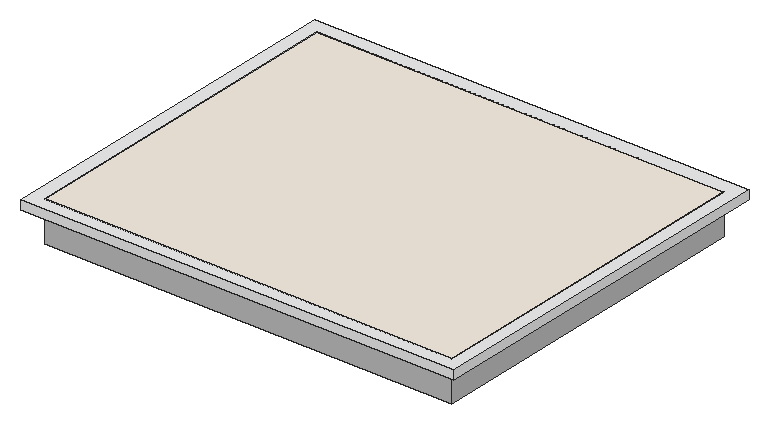
Revit family "Lighting-Industriale-GEWISS-ELIA-HL-LED_RIFLETTORE", category Apparecchi per illuminazione, host Superficie, Revit 2019 (continued)
Types (12, lengths in mm): name | Tensione | Scheda Tecnica | Potenza di sistema | Peso (kg): | Peso (kg) | Ottica | built-in parameter 1150142 | Lumen output (lm) | Modello | IDT | File diagramma fotometrico | Description
    10 368.04 \r\n352.58 336.15 319.30 301.89 284.31 265.38 243.66 221.32 \r\n200.77 179.79 156.18 132.16 109.10 87.13 66.39 48.11 \r\n33.80 22.68 14.68 9.30 5.93 4.79 \r\n20514.31 20512.92 20504.56 20493.42 20475.32 20453.04 \r\n20423.80 20393.16 20359.74 20319.36 20274.80 20223.28 \r\n20171.76 20114.66 20056.18 19994.91 19930.85 19864.01 \r\n19791.60 19716.41 19638.43 19553.49 19467.15 19373.85 \r\n19279.16 19177.51 19073.07 18965.85 18853.06 18740.26 \r\n18621.90 18500.76 18375.43 18245.93 18113.64 17979.96 \r\n17843.50 17702.85 17560.82 17416.00 17269.78 17118.00 \r\n16959.26 16787.98 16609.74 16427.32 16236.55 16036.03 \r\n15828.55 15614.10 15395.48 15168.50 14935.95 14696.45 \r\n14445.80 14175.65 13888.80 13589.41 13281.67 12972.53 \r\n12657.83 12336.16 12008.92 11681.68 11360.01 11050.88 \r\n10751.49 10460.46 10176.39 9896.50 9620.78 9345.07 \r\n9070.75 8803.39 8541.59 8278.41 8020.80 7765.97 7518.11 \r\n7278.60 7041.87 6810.72 6586.53 6366.51 6154.85 5951.55 \r\n5751.03 5549.11 5349.98 5156.43 4972.62 4795.77 4624.49 \r\n4454.61 4288.90 4124.59 3967.23 3819.63 3677.59 3539.74 \r\n3408.84 3280.73 3155.41 3035.65 2921.47 2808.67 2702.15 \r\n2597.71 2496.89 2400.39 2307.79 2219.51 2134.28 2050.87 \r\n1970.67 1895.05 1822.78 1752.18 1683.95 1617.67 1554.31 \r\n1494.57 1437.62 1381.78 1328.45 1278.18 1230.55 1185.30 \r\n1141.57 1098.54 1056.63 1016.11 977.81 942.17 908.75 \r\n876.58 845.53 815.59 785.93 756.27 726.47 696.39 667.56 \r\n642.08 618.27 595.71 573.85 552.13 530.26 507.57 485.15 \r\n463.56 443.51 426.94 412.88 402.85 393.38 380.99 367.06 \r\n351.61 335.17 318.05 300.22 282.40 263.41 241.71 219.42 \r\n198.79 177.75 154.30 130.48 107.64 85.95 65.64 47.76 \r\n33.64 22.63 14.66 9.26 5.91 4.76 \r\n20514.31 20512.92 20504.56 20493.42 20475.32 20451.65 \r\n20423.80 20394.56 20359.74 20320.75 20276.19 20226.06 \r\n20173.15 20116.06 20058.96 19997.69 19933.64 19866.80 \r\n19794.39 19719.19 19641.21 19556.27 19469.94 19376.64 \r\n19280.56 19181.69 19077.25 18971.42 18860.02 18744.44 \r\n18628.87 18507.72 18382.39 18252.89 18122.00 17986.92 \r\n17850.46 17711.21 17567.78 17424.35 17275.35 17124.97 \r\n16966.22 16797.73 16620.88 16437.07 16246.30 16047.17 \r\n15838.30 15625.24 15406.62 15181.04 14949.88 14710.37 \r\n14459.72 14190.97 13906.90 13606.12 13296.98 12987.85 \r\n12670.36 12347.30 12018.67 11687.25 11361.41 11052.27 \r\n10750.10 10459.07 10173.61 9893.71 9618.00 9340.89 \r\n9066.57 8799.21 8537.42 8272.84 8015.23 7760.40 7512.54 \r\n7273.03 7036.30 6805.15 6578.17 6359.55 6146.49 5943.19 \r\n5742.67 5540.76 5343.02 5152.25 4969.83 4792.98 4621.71 \r\n4453.22 4287.51 4124.59 3967.23 3821.02 3678.99 3542.52 \r\n3411.63 3283.52 3159.58 3041.22 2924.25 2814.24 2707.16 \r\n2603.28 2503.16 2406.80 2314.34 2225.08 2138.88 2054.63 \r\n1973.73 1897.84 1825.15 1754.41 1685.76 1619.34 1555.70 \r\n1495.96 1438.87 1383.45 1330.39 1279.99 1231.94 1186.69 \r\n1142.69 1099.80 1058.02 1017.36 978.65 942.72 908.88 \r\n876.02 844.97 815.59 786.90 757.24 727.30 696.95 667.70 \r\n642.08 618.41 595.85 573.99 552.13 530.26 507.71 485.56 \r\n463.84 443.93 426.80 412.46 401.88 391.99 379.87 366.09 \r\n350.77 334.20 316.65 298.41 280.39 261.41 239.77 217.52 \r\n196.80 175.71 152.35 128.74 106.15 84.76 64.90 47.43 \r\n33.50 22.58 14.63 9.23 5.87 4.74 \r\n20514.31 20512.92 20504.56 20493.42 20475.32 20451.65 \r\n20425.19 20394.56 20361.14 20322.15 20278.98 20227.45 \r\n20174.54 20118.84 20061.75 20000.48 19935.03 19868.19 \r\n19797.17 19723.37 19644.00 19559.06 19471.33 19380.81 \r\n19284.73 19185.87 19081.43 18975.60 18864.20 18751.40 \r\n18634.44 18513.29 18389.35 18261.25 18128.96 17995.28 \r\n17858.81 17718.17 17574.74 17429.92 17283.71 17130.53 \r\n16973.18 16806.08 16629.24 16446.82 16256.05 16056.92 \r\n15849.44 15636.38 15417.76 15192.18 14961.02 14722.90 \r\n14472.25 14206.29 13923.61 13624.22 13313.69 13000.38 \r\n12682.89 12357.05 12025.63 11692.82 11364.19 11050.88 \r\n10748.71 10456.28 10170.82 9890.93 9613.82 9336.71 \r\n9061.00 8793.64 8529.06 8267.27 8009.66 7754.83 7505.58 \r\n7264.67 7029.34 6796.79 6571.21 6351.19 6138.14 5933.44 \r\n5734.32 5533.80 5337.45 5146.68 4964.26 4788.81 4617.53 \r\n4450.43 4284.72 4124.59 3968.63 3821.02 3680.38 3545.31 \r\n3414.41 3286.30 3163.76 3044.01 2929.82 2818.42 2712.03 \r\n2608.71 2509.15 2413.34 2320.60 2230.78 2143.34 2058.39 \r\n1976.93 1900.48 1827.52 1756.36 1687.57 1620.87 1557.09 \r\n1497.22 1440.12 1384.98 1332.07 1281.66 1233.48 1187.66 \r\n1143.80 1100.91 1059.27 1018.47 979.48 943.14 908.88 \r\n875.60 844.27 815.73 787.88 758.22 728.00 697.22 667.70 \r\n642.22 618.55 595.99 573.99 551.99 529.99 507.71 485.70 \r\n464.26 444.35 426.80 411.90 400.76 390.60 378.48 365.11 \r\n349.94 333.36 315.26 296.74 278.56 259.42 237.85 215.70 \r\n194.84 173.64 150.40 127.00 104.65 83.56 64.17 47.14 \r\n33.39 22.54 14.61 9.19 5.84 4.71 \r\n20514.31 20512.92 20504.56 20492.03 20475.32 20451.65 \r\n20425.19 20395.95 20362.53 20323.54 20278.98 20230.24 \r\n20175.93 20120.23 20063.14 20001.87 19937.81 19870.98 \r\n19798.56 19724.76 19646.78 19561.84 19475.51 19383.60 \r\n19287.52 19190.04 19085.60 18979.78 18871.16 18756.98 \r\n18641.40 18520.25 18397.71 18268.21 18135.92 18000.85 \r\n17864.38 17723.74 17581.70 17436.89 17289.28 17137.50 \r\n16981.54 16813.05 16637.59 16455.17 16265.79 16065.27 \r\n15859.18 15646.13 15427.51 15203.32 14972.16 14734.04 \r\n14486.18 14220.21 13940.32 13639.54 13329.01 13014.31 \r\n12695.42 12366.79 12033.99 11697.00 11365.59 11049.49 \r\n10745.92 10453.50 10168.04 9888.14 9608.25 9329.75 \r\n9055.43 8788.07 8522.10 8258.92 8001.31 7747.87 7500.01 \r\n7259.10 7023.77 6791.22 6562.85 6342.84 6129.78 5925.09 \r\n5725.96 5526.83 5330.49 5142.50 4961.48 4786.02 4613.35 \r\n4446.25 4283.33 4123.19 3968.63 3822.41 3681.77 3545.31 \r\n3415.80 3287.69 3166.55 3048.18 2934.00 2822.60 2716.49 \r\n2614.00 2514.99 2419.61 2326.73 2236.08 2147.65 2062.01 \r\n1979.72 1902.99 1829.75 1758.17 1689.10 1622.26 1558.21 \r\n1498.33 1441.24 1386.37 1333.60 1282.91 1234.59 1188.64 \r\n1144.63 1101.89 1060.25 1019.45 980.04 943.42 908.75 \r\n875.05 843.44 815.73 788.57 758.91 728.56 697.50 667.84 \r\n642.22 618.55 595.99 573.99 551.71 529.71 507.71 485.98 \r\n464.54 444.49 426.80 411.34 399.51 388.79 377.09 364.00 \r\n348.96 332.53 314.15 294.93 276.59 257.43 235.99 213.94 \r\n192.94 171.60 148.45 125.27 103.16 82.41 63.46 46.82 \r\n33.28 22.50 14.58 9.15 5.80 4.68 \r\n20514.31 20511.53 20504.56 20492.03 20475.32 20451.65 \r\n20425.19 20395.95 20362.53 20324.93 20280.37 20231.63 \r\n20178.72 20123.02 20065.92 20003.26 19939.21 19870.98 \r\n19799.96 19727.55 19648.17 19564.63 19478.29 19387.78 \r\n19291.70 19192.83 19091.17 18983.95 18875.34 18762.55 \r\n18646.97 18527.21 18403.28 18275.17 18142.88 18009.20 \r\n17869.95 17730.70 17587.28 17442.45 17294.85 17144.46 \r\n16988.50 16821.40 16645.95 16464.92 16274.15 16075.02 \r\n15867.54 15657.27 15438.65 15213.06 14983.30 14745.18 \r\n14497.32 14234.14 13954.24 13653.46 13342.94 13026.84 \r\n12705.17 12375.15 12040.95 11699.79 11365.59 11049.49 \r\n10743.14 10449.32 10163.86 9881.18 9602.68 9324.18 \r\n9048.47 8779.71 8512.35 8251.95 7992.95 7739.51 7493.04 \r\n7252.14 7018.20 6784.26 6555.89 6334.48 6120.04 5916.73 \r\n5717.61 5519.87 5323.53 5136.93 4957.30 4780.45 4607.78 \r\n4442.07 4280.55 4120.41 3968.63 3822.41 3681.77 3545.31 \r\n3415.80 3290.48 3167.94 3050.97 2936.78 2826.78 2720.53 \r\n2618.60 2520.29 2425.18 2332.44 2240.95 2151.69 2065.22 \r\n1982.50 1905.22 1831.42 1759.56 1690.22 1623.10 1558.90 \r\n1498.89 1441.79 1387.35 1334.99 1284.16 1235.57 1189.33 \r\n1145.19 1102.58 1061.22 1020.15 980.60 943.42 908.33 \r\n874.21 842.60 815.59 789.13 759.61 729.11 697.78 667.84 \r\n642.08 618.41 595.85 573.71 551.43 529.43 507.43 486.12 \r\n464.82 444.63 426.52 410.51 398.26 387.39 375.42 362.75 \r\n348.13 331.69 312.76 293.26 274.64 255.47 234.18 212.27 \r\n191.12 169.62 146.57 123.57 101.71 81.25 62.77 46.55 \r\n33.17 22.46 14.56 9.11 5.77 4.65 \r\n20514.31 20511.53 20504.56 20492.03 20475.32 20453.04 \r\n20426.58 20397.34 20363.92 20326.32 20281.76 20233.03 \r\n20180.11 20124.41 20065.92 20006.05 19940.60 19872.37 \r\n19802.74 19727.55 19650.96 19567.41 19481.08 19390.56 \r\n19294.48 19197.01 19096.75 18990.92 18880.91 18768.12 \r\n18651.15 18532.78 18408.85 18280.74 18149.85 18014.77 \r\n17876.92 17736.27 17594.24 17448.03 17300.42 17151.42 \r\n16994.07 16828.36 16654.30 16471.88 16281.11 16083.38 \r\n15877.29 15665.63 15447.00 15222.81 14993.05 14754.93 \r\n14508.46 14246.67 13968.17 13668.78 13355.47 13037.98 \r\n12714.92 12383.50 12046.52 11703.96 11365.59 11046.70 \r\n10738.96 10446.54 10159.68 9877.00 9597.11 9317.22 \r\n9041.50 8769.97 8504.00 8240.82 7983.20 7732.55 7484.69 \r\n7245.18 7011.24 6777.30 6550.32 6326.13 6113.08 5909.77 \r\n5710.64 5511.52 5317.96 5132.76 4953.12 4776.28 4602.21 \r\n4436.51 4274.98 4117.62 3965.84 3819.63 3680.38 3545.31 \r\n3415.80 3290.48 3170.72 3052.36 2939.57 2829.56 2723.59 \r\n2622.36 2524.74 2429.77 2337.03 2244.99 2154.89 2067.86 \r\n1984.45 1906.61 1832.53 1760.54 1690.91 1623.52 1559.32 \r\n1499.17 1442.21 1388.04 1335.83 1285.00 1236.12 1189.61 \r\n1145.33 1103.00 1061.64 1020.56 980.74 943.28 907.63 \r\n873.10 841.49 815.03 789.41 760.03 729.25 698.06 667.98 \r\n642.22 618.27 595.43 573.29 551.01 528.73 507.29 485.98 \r\n464.96 444.76 426.24 409.81 397.00 385.72 374.03 361.49 \r\n347.29 331.00 311.64 291.45 272.74 253.56 232.45 210.69 \r\n189.38 167.71 144.75 121.94 100.32 80.18 62.11 46.29 \r\n33.07 22.41 14.53 9.07 5.73 4.62 \r\n20514.31 20511.53 20504.56 20492.03 20475.32 20453.04 \r\n20426.58 20397.34 20363.92 20327.72 20284.55 20234.42 \r\n20181.50 20125.80 20068.71 20006.05 19941.99 19875.15 \r\n19802.74 19728.94 19650.96 19570.20 19483.86 19391.95 \r\n19298.66 19201.18 19099.53 18995.09 18886.48 18773.69 \r\n18656.72 18538.35 18415.81 18287.70 18156.81 18020.34 \r\n17882.49 17741.84 17598.42 17453.60 17305.99 17155.60 \r\n17001.03 16833.93 16661.26 16480.24 16289.47 16091.73 \r\n15885.64 15672.59 15455.36 15232.56 15002.80 14766.07 \r\n14518.20 14257.81 13980.70 13681.31 13368.00 13049.12 \r\n12723.27 12390.47 12050.69 11706.75 11366.98 11043.92 \r\n10736.18 10439.57 10154.11 9870.04 9588.76 9310.26 \r\n9033.15 8761.61 8494.25 8232.46 7974.85 7722.81 7477.73 \r\n7239.61 7002.88 6771.73 6543.36 6320.56 6104.72 5901.42 \r\n5705.07 5505.94 5310.99 5127.19 4947.55 4770.71 4598.03 \r\n4430.94 4270.80 4113.44 3961.66 3816.84 3677.59 3543.91 \r\n3414.41 3289.09 3170.72 3053.75 2940.96 2830.95 2725.54 \r\n2625.00 2527.94 2433.39 2340.65 2247.91 2157.40 2069.67 \r\n1985.84 1907.73 1833.09 1760.82 1691.05 1623.52 1559.04 \r\n1498.89 1442.07 1388.18 1336.24 1285.42 1236.40 1189.75 \r\n1145.19 1102.86 1061.92 1020.56 980.60 942.72 906.66 \r\n871.98 840.23 814.61 789.69 760.17 729.25 697.92 667.98 \r\n642.08 617.99 595.02 572.74 550.32 528.18 506.73 485.84 \r\n464.96 444.63 425.83 408.70 395.75 384.05 372.49 360.24 \r\n346.31 330.16 310.39 289.78 270.88 251.72 230.81 209.24 \r\n187.79 165.96 143.05 120.41 99.01 79.16 61.49 46.04 32.96 \r\n22.36 14.50 9.03 5.70 4.59 \r\n20514.31 20511.53 20504.56 20492.03 20475.32 20453.04 \r\n20426.58 20397.34 20366.70 20329.11 20285.94 20235.81 \r\n20182.90 20128.59 20070.10 20008.83 19943.39 19875.15 \r\n19804.14 19731.73 19653.75 19571.59 19485.25 19394.74 \r\n19301.44 19203.97 19103.71 18999.27 18892.05 18779.26 \r\n18662.28 18543.92 18421.38 18293.27 18160.99 18025.91 \r\n17888.06 17747.41 17603.99 17459.17 17310.17 17161.17 \r\n17006.60 16840.90 16668.23 16487.20 16296.43 16098.69 \r\n15892.60 15680.94 15463.71 15239.52 15011.15 14774.43 \r\n14527.95 14268.95 13991.84 13692.45 13379.14 13058.86 \r\n12731.63 12396.04 12056.26 11708.14 11366.98 11042.53 \r\n10732.00 10435.40 10148.54 9864.47 9583.19 9301.90 \r\n9024.79 8751.86 8484.50 8222.71 7965.10 7714.45 7469.37 \r\n7231.25 6997.31 6764.77 6537.79 6313.60 6099.15 5894.45 \r\n5698.11 5498.98 5305.43 5123.01 4943.38 4765.14 4589.68 \r\n4423.97 4263.84 4107.88 3957.49 3814.06 3674.81 3539.74 \r\n3411.63 3287.69 3167.94 3053.75 2939.57 2830.95 2726.38 \r\n2626.53 2529.89 2435.48 2342.74 2249.72 2158.65 2070.65 \r\n1986.40 1907.73 1832.95 1760.40 1690.50 1622.82 1558.21 \r\n1498.05 1441.38 1387.90 1336.24 1285.14 1235.98 1189.06 \r\n1144.50 1102.44 1061.36 1020.15 980.04 941.75 905.40 \r\n870.59 838.84 813.78 789.41 759.89 728.83 697.78 667.84 \r\n641.66 617.43 594.46 572.04 549.48 527.20 506.17 485.56 \r\n464.68 444.49 424.99 407.72 394.36 382.52 370.96 358.99 \r\n345.20 329.33 309.27 288.11 269.10 249.97 229.28 207.90 \r\n186.33 164.34 141.49 119.00 97.81 78.24 60.94 45.80 32.86 \r\n22.31 14.46 8.99 5.67 4.56 \r\n20514.31 20511.53 20504.56 20492.03 20475.32 20453.04 \r\n20427.98 20398.73 20366.70 20329.11 20285.94 20237.20 \r\n20185.68 20128.59 20071.50 20008.83 19944.78 19876.55 \r\n19805.53 19731.73 19653.75 19574.37 19488.04 19398.92 \r\n19305.62 19209.54 19109.28 19006.23 18897.62 18784.83 \r\n18669.25 18549.49 18425.56 18298.84 18165.16 18031.48 \r\n17892.23 17751.59 17609.56 17464.74 17317.13 17165.35 \r\n17010.78 16846.47 16673.80 16492.77 16304.78 16107.05 \r\n15900.96 15689.30 15470.68 15246.48 15016.72 14781.39 \r\n14533.52 14273.13 13997.41 13698.02 13384.71 13064.44 \r\n12735.81 12400.21 12059.05 11712.32 11366.98 11041.13 \r\n10729.21 10431.22 10141.58 9857.51 9574.83 9292.15 \r\n9013.65 8739.33 8471.97 8210.18 7955.35 7704.70 7461.01 \r\n7224.29 6991.74 6760.59 6533.61 6312.20 6096.37 5891.67 \r\n5693.93 5496.20 5301.25 5116.05 4935.02 4755.39 4581.32 \r\n4412.83 4249.91 4092.56 3942.17 3797.35 3660.88 3527.20 \r\n3399.09 3275.16 3156.80 3041.22 2929.82 2821.20 2717.19 \r\n2617.48 2520.98 2426.43 2333.55 2241.09 2150.72 2063.41 \r\n1979.86 1901.46 1826.68 1754.27 1684.65 1616.83 1552.08 \r\n1492.48 1436.22 1383.03 1331.65 1280.82 1231.39 1184.74 \r\n1140.32 1098.13 1057.05 1016.11 976.00 937.43 901.09 \r\n866.83 835.78 810.99 786.90 757.24 726.33 696.11 667.01 \r\n640.27 615.35 592.23 569.95 547.39 525.25 504.36 483.75 \r\n462.87 442.54 423.18 405.64 392.96 381.55 369.43 356.62 \r\n343.25 327.93 307.74 286.30 267.36 248.42 228.08 207.05 \r\n185.56 163.58 140.70 118.21 97.17 77.77 60.59 45.55 32.67 \r\n22.17 14.38 8.96 5.65 4.55 \r\n20514.31 20511.53 20504.56 20492.03 20475.32 20453.04 \r\n20427.98 20398.73 20368.10 20330.50 20287.33 20238.60 \r\n20185.68 20129.98 20071.50 20010.23 19944.78 19876.55 \r\n19806.92 19733.12 19655.14 19575.76 19492.22 19401.70 \r\n19308.40 19213.72 19114.85 19010.41 18901.80 18790.40 \r\n18673.42 18553.67 18431.13 18303.02 18170.73 18034.27 \r\n17897.80 17755.77 17613.73 17467.52 17321.31 17170.92 \r\n17013.56 16850.64 16679.37 16501.13 16311.75 16114.01 \r\n15907.92 15696.26 15477.64 15253.45 15023.68 14785.57 \r\n14537.70 14277.30 14000.19 13702.20 13390.28 13068.61 \r\n12739.98 12404.39 12061.84 11712.32 11368.37 11039.74 \r\n10725.04 10425.65 10134.61 9849.15 9566.48 9283.80 \r\n9003.91 8728.19 8459.44 8199.04 7944.21 7694.96 7452.66 \r\n7217.33 6986.17 6755.02 6530.83 6309.42 6094.97 5891.67 \r\n5691.15 5493.41 5298.46 5110.48 4926.66 4747.03 4570.19 \r\n4398.91 4233.20 4075.85 3925.46 3783.42 3645.57 3513.28 \r\n3385.17 3262.63 3144.27 3028.69 2917.29 2811.46 2707.02 \r\n2607.46 2510.68 2415.85 2322.97 2231.34 2141.94 2055.47 \r\n1972.62 1894.50 1819.72 1747.59 1678.10 1610.29 1545.68 \r\n1486.35 1430.52 1377.60 1326.63 1275.81 1226.65 1180.28 \r\n1135.86 1093.39 1052.45 1011.51 971.55 932.84 896.35 \r\n862.93 832.58 808.21 784.12 754.18 723.40 694.30 666.03 \r\n638.60 612.84 589.72 567.72 545.30 523.16 502.55 482.08 \r\n461.06 440.73 421.09 403.55 391.43 380.71 367.76 354.25 \r\n341.44 326.40 306.21 284.63 265.73 246.99 227.01 206.33 \r\n184.95 162.98 140.07 117.54 96.64 77.41 60.30 45.31 32.47 \r\n22.02 14.29 8.92 5.64 4.54 \r\n20514.31 20511.53 20504.56 20492.03 20475.32 20453.04 \r\n20427.98 20400.13 20368.10 20330.50 20287.33 20238.60 \r\n20187.07 20131.37 20072.89 20010.23 19944.78 19876.55 \r\n19805.53 19733.12 19656.53 19578.55 19495.00 19404.49 \r\n19313.98 19217.89 19117.63 19015.98 18907.37 18794.57 \r\n18677.60 18559.24 18435.31 18305.81 18174.91 18038.45 \r\n17900.59 17759.95 17617.91 17473.09 17325.49 17173.70 \r\n17019.14 16854.82 16684.94 16506.70 16317.32 16120.97 \r\n15916.28 15703.22 15481.82 15259.01 15027.86 14791.14 \r\n14541.88 14280.09 14002.98 13704.99 13394.46 13072.79 \r\n12742.77 12405.78 12064.62 11715.10 11366.98 11038.35 \r\n10722.25 10421.47 10129.05 9840.80 9558.12 9275.44 \r\n8994.16 8718.44 8448.30 8186.51 7934.47 7686.60 7445.70 \r\n7210.36 6979.21 6
